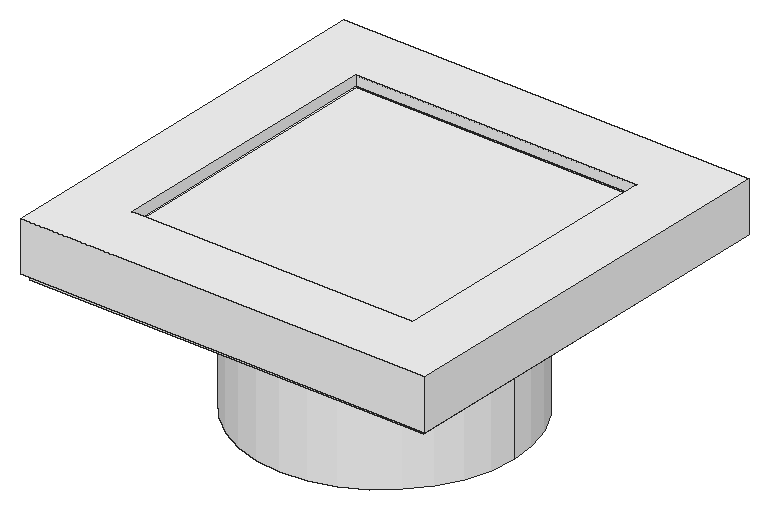
Revit family "Gira_012628", category Electrical Fixtures, host Face, Revit 2017
Family settings
  Host = Face
  Maintain Annotation Orientation = Yes
  Round Connector Dimension = Use Diameter
  Part Type = Normal
  Cut with Voids When Loaded = No
  Shared = No
  Room Calculation Point = No
Parameters (values of type "Tastschalter AusWe System 55 Anthrazit")
  Zusammenstellung = "Basiselement mit zentraler Abdeckplatte"
  White [instance] = White
  Werkstoffgüte = "Thermoplast"
  Werkstoff = "sonstige"
  Waschmaschinenschalter = "No"
  URL = "http://katalog.gira.de/de_DE/datenblatt.html?artikelnr=012628"
  Textfeld/Beschriftungsfläche = "nein"
  Tastschalter = "Yes"
  Schaltungsart = "Wechselschalter"
  Rückmeldekontakt = "No"
  Region = "DE"
  Oberfläche = "sonstige"
  Nennspannung = "250 Volt"
  Name = "Tastschalter AusWe System 55 Anthrazit"
  Montageart = "unter Putz"
  Model = "Sys55_Komplettgerät_Schalten und Tasten"
  Mit Montageplatte = "No"
  Manufacturer URL = "https://www.gira.de/"
  HeinzeBIM = "https://bimportal.heinze.de/bim/tastschalter-auswe-system-55-anthrazit/cf4ee8c3c247ccc73e3f4d982e4b37fb163c21cb"
  Halogenfrei = "No"
  HAN = "012628"
  Geeignet für Schutzart (IP) = "IP20"
  GTIN = "4010337126287"
  Farbe = "anthrazit"
  Default Elevation = 1219.2 mm
  Data sheet (1) = "https://katalog.gira.de/de_DE/download.html?artikelnr=012628"
  Category = "Installationsschalter"
  Bemessungsstrom = "10 Ampere"
  Beleuchtung = "nein"
  Befestigungsart = "Krallen-/Schraubbefestigung"
  Bedienungsart = "Wippe/Taste"
  Available = "Yes"
  Anzahl der Module (bei Modulbauweise) = "1 "
  Anzahl der Betätigungswippen = "1 "
  Anschlussart = "Steckklemme"
Reference planes
  plane 1 "Center (Front/Back)": y = 0
  plane 2: z = 0
  plane 3 "Center (Left/Right)": x = 0
Forms (mm)
  Extrusion 1, solid, material "White" <- "White", detail levels medium
    sketch origin (0, 0, 0) x (1, 0, 0) y (0, 1, 0)
      loop
        line (-40.4, 40.4) -> (-40.4, -40.4) -> (40.4, -40.4) -> (40.4, 40.4) -> (-40.4, 40.4)
      loop
        line (-28, 28) -> (-28, -28) -> (28, -28) -> (28, 28) -> (-28, 28)
    from 0 to 10
  Extrusion 2, solid, material "White" <- "White", detail levels fine
    sketch origin (0, 0, 0) x (1, 0, 0) y (0, 1, 0)
      loop
        line (-40.4, 40.4) -> (-40.4, -40.4) -> (40.4, -40.4) -> (40.4, 40.4) -> (-40.4, 40.4)
      loop
        line (-28, 28) -> (-28, -28) -> (28, -28) -> (28, 28) -> (-28, 28)
    from 0 to 10
  Extrusion 3, void
    sketch origin (0, 0, 0) x (1, 0, 0) y (0, 1, 0)
      loop
        line (-38.4, 38.4) -> (-38.4, -38.4) -> (38.4, -38.4) -> (38.4, 38.4) -> (-38.4, 38.4)
    from 0 to 8
  Extrusion 4, solid, material "White" <- "White", detail levels medium+fine
    sketch origin (0, 0, 0) x (1, 0, 0) y (0, 1, 0)
      loop
        line (-39.4, 39.4) -> (-39.4, -39.4) -> (39.4, -39.4) -> (39.4, 39.4) -> (-39.4, 39.4)
    from 0 to -1
  Extrusion 5, solid, material "White" <- "White", detail levels medium+fine
    sketch origin (0, 0, 0) x (1, 0, 0) y (0, 1, 0)
      loop
        line (-35.5, 35.5) -> (-35.5, -35.5) -> (35.5, -35.5) -> (35.5, 35.5) -> (-35.5, 35.5)
    from -2 to -3
  Extrusion 6, solid, material "White" <- "White", detail levels medium+fine
    sketch origin (0, 0, 0) x (1, 0, 0) y (0, 1, 0)
      loop
        circle (0, 0) r 26
    from 0 to -27.5
  Extrusion 7, solid, material "White" <- "White", detail levels coarse
    sketch origin (0, 0, 0) x (1, 0, 0) y (0, 1, 0)
      loop
        line (-40.4, 40.4) -> (-40.4, -40.4) -> (40.4, -40.4) -> (40.4, 40.4) -> (-40.4, 40.4)
    from -27.5 to 10
Cuts and joins
  Extrusion 3 cuts Extrusion 2
Dimensions and locks
  aligned and locked: plane 2 to host face
  aligned and locked: level to host face
  aligned and locked: plane 3 "Center (Left/Right)" to nested 2
  aligned and locked: plane 1 "Center (Front/Back)" to nested 2
Nested families
  nested 1: "Sys55_Abdeckung_Schalten und Tasten_floor_base" at (0, 0, 0), type "Sys55_Abdeckung_Schalten und Tasten_floor_base"
  nested 2: "Schalter" at (0, 0, 0), type "Schalter"
Connectors
  electrical at (0, 0, -27.5)
    settings: on Extrusion 6, index 1, voltage 220 V, apparent load 0 VA, apparent load phase1 0 VA, apparent load phase2 0 VA, apparent load phase3 0 VA, power factor 1, load classification "Other", number of poles 1, system type 30, power factor state 1, is connector primary yes, connector utility no, sub classification motor no, connector description ""
Definition of nested family "Sys55_Abdeckung_Schalten und Tasten_floor_base"
  Parameters
    Default Elevation = 1219.2 mm
    White [instance] = none
  Reference planes
    plane 1 "Center (Front/Back)": y = 0
    plane 2: z = 0
    plane 3 "Center (Left/Right)": x = 0
  Forms (mm)
    Extrusion 1, solid
      sketch origin (0, 0, 0) x (1, 0, 0) y (0, 1, 0)
        loop
          line (-1219.2, 1219.2) -> (-1219.2, -1219.2) -> (1219.2, -1219.2) -> (1219.2, 1219.2) -> (-1219.2, 1219.2)
      from 0 to -304.8
    Extrusion 2, solid, material <- "White", detail levels fine
      sketch origin (0, 0, 0) x (1, 0, 0) y (0, 1, 0)
        loop
          line (-27.5, 27.5) -> (-27.5, -27.5) -> (27.5, -27.5) -> (27.5, 27.5) -> (-27.5, 27.5)
      from 0 to 8
    Extrusion 3, void
      sketch origin (0, 0, 0) x (1, 0, 0) y (0, 1, 0)
        loop
          line (26, 26) -> (-26, 26) -> (-26, -26) -> (26, -26) -> (26, 26)
      from 0 to 6
    Extrusion 4, solid, material <- "White", detail levels medium
      sketch origin (0, 0, 0) x (1, 0, 0) y (0, 1, 0)
        loop
          line (-27.5, 27.5) -> (-27.5, -27.5) -> (27.5, -27.5) -> (27.5, 27.5) -> (-27.5, 27.5)
      from 0 to 8
    Extrusion 5, solid, material <- "White", detail levels medium
      sketch origin (0, 0, 0) x (1, 0, 0) y (0, 1, 0)
        loop
          line (11, -17.5) -> (11, 17.5) -> (-11, 17.5) -> (-11, -17.5) -> (11, -17.5)
      from -6 to 6
    Extrusion 6, solid, material <- "White", detail levels fine
      sketch origin (0, 0, 0) x (1, 0, 0) y (0, 1, 0)
        loop
          line (11, 17.5) -> (-11, 17.5) -> (-11, 16.5) -> (11, 16.5) -> (11, 17.5)
        loop
          line (-11, -16.5) -> (-11, -17.5) -> (11, -17.5) -> (11, -16.5) -> (-11, -16.5)
      from -4 to 6
    Extrusion 7, solid, material <- "White", detail levels fine
      sketch origin (0, 0, 0) x (1, 0, 0) y (0, 1, 0)
        loop
          arc (5, 9.347) -> (0, 10.6) -> (-5, 9.347) r 10.6
          line (-5, 9.347) -> (-5, -9.347)
          arc (-5, -9.347) -> (0, -10.6) -> (5, -9.347) r 10.6
          line (5, -9.347) -> (5, 9.347)
      from -6 to 6
    Extrusion 8, solid, material <- "White", detail levels coarse
      sketch origin (0, 0, 0) x (1, 0, 0) y (0, 1, 0)
        loop
          line (-27.5, 27.5) -> (-27.5, -27.5) -> (27.5, -27.5) -> (27.5, 27.5) -> (-27.5, 27.5)
      from -6 to 8
  Cuts and joins
    Extrusion 3 cuts Extrusion 2
  Dimensions and locks
    aligned and locked: plane 2 to Extrusion 1
    aligned and locked: level to Extrusion 1
Definition of nested family "Schalter"
  Reference planes
    plane 1: y = 0
    plane 2: x = 0
  Lines and regions (mm)
    detail lines
      curve 1: circle (1.375, 2.778, 0) r 0.8 normal (0, 0, 1)
      curve 2: line (1.021, 2.061, 0) -> (0, 0, 0)
      curve 3: line (0, 0, 0) -> (-0.538, 0.266, 0)
  Dimensions and locks
    curve 2 to curve 2 = 2.3 mm
    curve 3 to curve 2 = 0.6 mm
    radius of curve 1 = 0.8 mm
